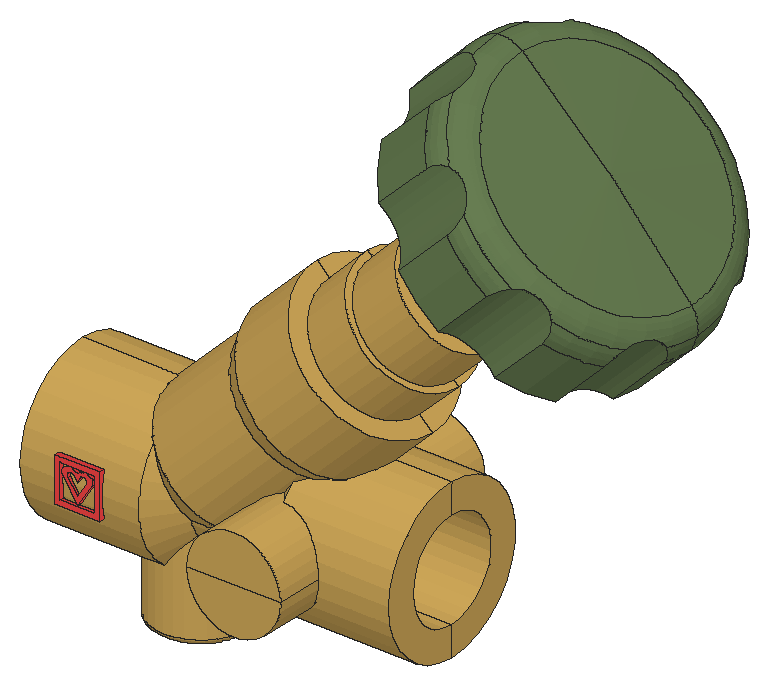
Revit family "Rückflussverhinderer 4126", category Rohrzubehör, Revit 2018
Family settings
  Bemaßung runder Anschluss = Durchmesser verwenden
  Teiletyp = Unterbricht
  OmniClass-Nummer = 23.65.55.14
  OmniClass-Titel = Valves for Liquid Services
  Arbeitsebenenbasiert = Nein
  Immer vertikal = Ja
  Beim Laden mit Abzugskörper schneiden = Nein
  Gemeinsam genutzt = Nein
Parameters
  Öffnungsdruck des Rückflussverhinderer = "gemäß DIN EN 13959"  # constant formula
  W01 = 45.00°  # constant formula
  URL = "www.herz-armaturen.at"
  Spindel = "geschmiedetes Messing CW617N"  # constant formula
  SW01 = 60.00°  # constant formula
  SC_NennweiteBerechnet = 0
  SC_Dimension = ""
  SCTWSEQ = "FW;SBT_TYP_FW=\"109\";2"
  SCTWCODE = "04;00;02"  # constant formula
  S03 = 60.000 mm  # constant formula
  S02 [instance] = L06 + L09 + L12 + L15  # 95.900 mm
  S01 [instance] = R01 * 2  # 32.000 mm
  R12 [instance] = R01 - 1.000 mm  # 15.000 mm
  R11 [instance] = size_lookup("4126_", "R11", 46.500 mm, Nennweite)  # 5.400 mm
  R100 = 1.000 mm  # constant formula
  R10 [instance] = size_lookup("4126_", "R10", 46.500 mm, Nennweite)  # 8.500 mm
  R09 [instance] = size_lookup("4126_", "R9", 46.500 mm, Nennweite)  # 11.750 mm
  R08 [instance] = size_lookup("4126_", "R8", 46.500 mm, Nennweite)  # 13.000 mm
  R07 [instance] = size_lookup("4126_", "R7", 46.500 mm, Nennweite)  # 16.500 mm
  R06 [instance] = size_lookup("4126_", "R6", 43.000 mm, Nennweite)  # 14.600 mm
  R05 [instance] = Nennweite / 2  # 10.000 mm
  R04 [instance] = size_lookup("4126_", "R4", 11.500 mm, Nennweite)  # 9.500 mm
  R03 = 9.500 mm  # constant formula
  R02 [instance] = Nennweite / 2  # 10.000 mm
  R01 [instance] = size_lookup("4126_", "R1", 11.500 mm, Nennweite)  # 16.000 mm
  Nennweite [instance] = 20.000 mm
  Medium = "Trinkwasser"  # constant formula
  Max. Differenzdruck auf geschlossenen Sitz = 1000000.0 Pa  # constant formula
  Max. Betriebstemperatur = 80 °C  # constant formula
  Max. Betriebsdruck = 1600000.0 Pa  # constant formula
  L16 [instance] = L01 / 2  # 12.000 mm
  L15 [instance] = size_lookup("4126_", "L15", 12.400 mm, Nennweite)  # 12.400 mm
  L14 [instance] = size_lookup("4126_", "L14", 81.000 mm, Nennweite)  # 8.000 mm
  L12 [instance] = size_lookup("4126_", "L12", 81.000 mm, Nennweite)  # 33.500 mm
  L11 [instance] = size_lookup("4126_", "L11", 60.000 mm, Nennweite)  # 12.500 mm
  L10 [instance] = size_lookup("4126_", "L10", 20.000 mm, Nennweite)  # 11.000 mm
  L09 [instance] = size_lookup("4126_", "L9", 11.000 mm, Nennweite)  # 15.500 mm
  L08 [instance] = size_lookup("4126_", "L8", 35.000 mm, Nennweite)  # 30.100 mm
  L07 [instance] = size_lookup("4126_", "L7", 35.000 mm, Nennweite)  # 13.500 mm
  L06 [instance] = size_lookup("4126_", "L6", 118.000 mm, Nennweite) - L09  # 34.500 mm
  L05 [instance] = size_lookup("4126_", "L5", 44.000 mm, Nennweite)  # 26.500 mm
  L04 [instance] = size_lookup("4126_", "L4", 45.000 mm, Nennweite)  # 25.500 mm
  L03 = 15.000 mm  # constant formula
  L02 [instance] = size_lookup("4126_", "L2", 22.000 mm, Nennweite)  # 8.000 mm
  L01 [instance] = size_lookup("4126_", "L1", 48.000 mm, Nennweite)  # 24.000 mm
  L00 [instance] = size_lookup("4126_", "L", 180.000 mm, Nennweite)  # 75.000 mm
  Kegel = "geschmiedetes Messing CW617N"  # constant formula
  Hinweis = "Gemäß Art 33 der REACH-Verordnung (EG Nr. 1907/2006) sind wir verpflichtet, darauf hinzuweisen, dass der Stoff Blei auf der SVHC-Liste geführt wird und dass alle aus Messing bestehenden Bauteile, die in unseren Erzeugnissen verarbeitet sind, mehr als 0,1 % (w/w) Blei (CAS: 7439-92-1 / EINECS: 231-100-4) enthalten.\r\nDa Blei als Legierungsbestandteil fest gebunden ist, sind keine Expositionen zu erwarten und daher sind keine zusätzlichen Angaben zur sicheren Verwendung notwendig."
  Hersteller = "HERZ Armaturen Ges.m.b.H."  # constant formula
  Handrad = "Kunststoff, grün"  # constant formula
  H01 [instance] = size_lookup("4126_", "H1", 53.000 mm, Nennweite)  # 26.400 mm
  Gelegentliche Temperaturanstiege = "bis 95°C, nicht länger als eine Stunde"  # constant formula
  Gehäuse = "entzinkungsbeständiges Gussmessing CC770S"  # constant formula
  DN50 [instance] = Nennweite = 50.000 mm  # no
  DN40 [instance] = Nennweite = 40.000 mm  # no
  DN32 [instance] = Nennweite = 32.000 mm  # no
  DN25-DN50 [instance] = or(Nennweite = 25.000 mm, Nennweite = 32.000 mm, Nennweite = 40.000 mm, Nennweite = 50.000 mm)  # no
  DN25 [instance] = Nennweite = 25.000 mm  # no
  DN20 [instance] = Nennweite = 20.000 mm  # yes
  DN15 [instance] = Nennweite = 15.000 mm  # no
  Bestellnummer [instance] = size_lookup("4126_", "Artnr", 0, Nennweite)  # 2412602
  Anwendungsgebiet = "Zum Absperren von Trinkwasserleitungen, sowie Zirkulationssystemen in Gebäuden."
Reference planes
  plane 1 "Mitte (Vorne/hinten)": y = 0
  plane 2: z = 0
  plane 3 "Mitte (Links/rechts)": x = 0
Forms (mm)
  Revolve 1, solid, material "Messing, weicher Gelbton, geschweißt", detail levels fine
    sketch origin (470, 0, 0) x (1, 0, 0) y (0, 0, 1)
      loop
        line (-507.5, 10) -> (-492.5, 10) -> (-492.5, 0) -> (-447.5, 0) -> (-447.5, 10) -> (-432.5, 10) -> (-432.5, 16) -> (-456.5, 16) -> (-462, 10) -> (-478, 10) -> (-483.5, 16) -> (-507.5, 16) -> (-507.5, 10)
      axis (-507.5, 0) -> (-432.5, 0)
    angle from 0 to 360
  Revolve 2, solid, material "Messing, weicher Gelbton, geschweißt", detail levels fine
    sketch origin (470, 0, 0) x (1, 0, 0) y (0, 0, 1)
      loop
        line (-493, 0) -> (-493, -25.4)
        arc (-493, -25.4) -> (-492.707, -26.107) -> (-492, -26.4) r 1
        line (-492, -26.4) -> (-483.5, -26.4) -> (-483.5, 0) -> (-493, 0)
      axis (-483.5, 0) -> (-483.5, -26.4)
    angle from 0 to 360
  Revolve 3, solid, material "Messing, weicher Gelbton, geschweißt", detail levels fine
    sketch origin (0, 0, 0) x (1, 0, 0) y (0, 1, 0)
      loop
        line (13.5, -25.5) -> (23, -25.5) -> (23, 26.5) -> (13.5, 26.5) -> (13.5, -25.5)
      axis (13.5, -25.5) -> (13.5, 26.5)
    angle from 0 to 360
  Revolve 4, solid, material "Messing, weicher Gelbton, geschweißt", visible <- "DN25-DN50", detail levels fine
    sketch origin (-470, 0, 0) x (-1, 0, 0) y (0, 0, 1)
      loop
        line (-493, 0) -> (-493, -25.4)
        arc (-493, -25.4) -> (-492.707, -26.107) -> (-492, -26.4) r 1
        line (-492, -26.4) -> (-483.5, -26.4) -> (-483.5, 0) -> (-493, 0)
      axis (-483.5, 0) -> (-483.5, -26.4)
    angle from 0 to 360
  Revolve 5, solid, material "Messing, weicher Gelbton, geschweißt", detail levels fine
    sketch origin (0.32, 0, -0.105) x (1, 0, 0) y (0, 0, 1)
      loop
        line (-13.82, 0) -> (53.991, 67.812) -> (50.173, 71.63) -> (41.405, 62.862) -> (39.213, 65.054) -> (32.142, 57.983) -> (29.844, 60.281) -> (21.005, 51.442) -> (20.121, 52.326) -> (12.343, 44.548) -> (9.868, 47.023) -> (-1.092, 36.062) -> (-2.86, 31.608) -> (-18.487, 15.981) -> (-20.891, 7.071) -> (-13.82, 0)
      axis (-13.82, 0) -> (53.991, 67.812)
    angle from 0 to 360
Lines and regions (mm)
  model lines, detail levels coarse+medium
    curve 1: line (-37.5, 0, 16) -> (-37.5, 0, -16)
    curve 2: line (-37.5, 0, -16) -> (37.5, 0, 16)
    curve 3: line (37.5, 0, 16) -> (37.5, 0, -16)
    curve 4: line (37.5, 0, -16) -> (-37.5, 0, 16)
    curve 5: line (0, 0, 0) -> (47.95, 0, 83.052)
    curve 6: line (21.969, 0, 98.052) -> (73.931, 0, 68.052)
    curve 7: line (-37.5, -16, 0) -> (-37.5, 16, 0)
    curve 8: line (-37.5, 16, 0) -> (37.5, -16, 0)
    curve 9: line (37.5, -16, 0) -> (37.5, 16, 0)
    curve 10: line (37.5, 16, 0) -> (-37.5, -16, 0)
    curve 11: line (0, 0, 0) -> (47.95, 83.052, 0)
    curve 12: line (21.969, 98.052, 0) -> (73.931, 68.052, 0)
Dimensions and locks
  "H01": plane 2 to Revolve 2 sketch curve
  "L00": Revolve 1 sketch curve to Revolve 1 sketch curve
  equal spacing: Revolve 1 sketch curve, plane 3 "Mitte (Links/rechts)", Revolve 1 sketch curve
  "R01": Revolve 1 sketch curve to Revolve 1 sketch curve  (x2)
  "R02": Revolve 1 sketch curve to Revolve 1 sketch curve  (x3)
  "L01": Revolve 1 sketch curve to Revolve 1 sketch curve  (x2)
  "L02": plane 3 "Mitte (Links/rechts)" to Revolve 1 sketch curve
  "L02": Revolve 1 sketch curve to plane 3 "Mitte (Links/rechts)"
  "L03": Revolve 1 sketch curve to Revolve 1 sketch curve  (x2)
  "L01": Revolve 1 to Revolve 2 sketch curve
  "R03": Revolve 2 sketch curve to Revolve 2 sketch curve
  "L01": Revolve 4 sketch curve to Revolve 1
  "R03": Revolve 4 sketch curve to Revolve 4 sketch curve
  "H01": plane 2 to Revolve 4 sketch curve
  "L04": Revolve 3 sketch curve to plane 1 "Mitte (Vorne/hinten)"
  "L05": plane 1 "Mitte (Vorne/hinten)" to Revolve 3 sketch curve
  "R04": Revolve 3 sketch curve to Revolve 3 sketch curve
  "L01": Revolve 3 sketch curve to Revolve 1
  "R07": Revolve 5 sketch curve to Revolve 5 sketch curve
  "L07": plane 3 "Mitte (Links/rechts)" to Revolve 5 sketch curve
  "R05": Revolve 5 sketch curve to Revolve 5 sketch curve
  "L06": Revolve 5 sketch curve to Revolve 5 sketch curve
  "L08": Revolve 5 sketch curve to Revolve 5 sketch curve
  "R06": Revolve 5 sketch curve to Revolve 5 sketch curve
  "L14": Revolve 5 sketch curve to Revolve 5 sketch curve
  "L09": Revolve 5 sketch curve to Revolve 5 sketch curve
  "R08": Revolve 5 sketch curve to Revolve 5 sketch curve
  "L10": Revolve 5 sketch curve to Revolve 5 sketch curve
  "R09": Revolve 5 sketch curve to Revolve 5 sketch curve
  "R10": Revolve 5 sketch curve to Revolve 5 sketch curve
  "L12": Revolve 5 sketch curve to Revolve 5 sketch curve
  "R11": Revolve 5 sketch curve to Revolve 5 sketch curve
  "L15": Revolve 5 sketch curve to Revolve 5 sketch curve
  "L11": Revolve 5 sketch curve to Revolve 5 sketch curve
  "R12": nested 7 to plane 1 "Mitte (Vorne/hinten)"
  "L16": Revolve 1 to nested 7
  "L00": curve 1 to curve 3
  "S01": curve 4 to curve 2
  "S01": curve 3 to curve 4
  equal spacing: curve 4, plane 2, curve 2
  equal spacing: curve 3, plane 2, curve 4
  "S02": curve 5 to curve 5
  equal spacing: curve 6, curve 5, curve 6
  "S03": curve 6 to curve 6
  "L00": curve 7 to curve 9
  "S01": curve 10 to curve 8
  curve 9 to curve 10 = 32.000 mm
  equal spacing: curve 12, curve 11, curve 12
  "S03": curve 12 to curve 12
  "S02": curve 11 to curve 11
  equal spacing: curve 10, plane 1 "Mitte (Vorne/hinten)", curve 8
  equal spacing: curve 9, plane 1 "Mitte (Vorne/hinten)", curve 10
  equal spacing: curve 7, plane 3 "Mitte (Links/rechts)", curve 9
  equal spacing: Revolve 1, curve 5, Revolve 1
  equal spacing: curve 7, curve 11, Revolve 1
  equal spacing: curve 1, plane 3 "Mitte (Links/rechts)", curve 3
  "R100": radius of Revolve 2 sketch curve
  "R100": radius of Revolve 4 sketch curve
  "W01": angle plane 2 to Revolve 5 sketch curve
  "W01": angle level to Revolve 5 sketch curve
  "SW01": angle plane 2 to curve 5
  "SW01": angle plane 1 "Mitte (Vorne/hinten)" to curve 11
  aligned and locked: level to plane 2
Automatic sketch dimensions
  curve 5 to level = 0.000 mm
  plane 1 "Mitte (Vorne/hinten)" to curve 11 = 0.000 mm
  Revolve 1 sketch curve to level = 0.000 mm  (x2)
  Revolve 1 sketch curve to Revolve 1 sketch curve = 791.990 mm
  Revolve 1 sketch curve to Revolve 1 sketch curve = 2278.983 mm
  Revolve 2 sketch curve to level = 0.000 mm  (x2)
  Revolve 2 sketch curve to Revolve 2 sketch curve = 0.000 mm
  Revolve 2 sketch curve to Revolve 2 sketch curve = 0.292 mm
  Revolve 3 sketch curve to Revolve 3 sketch curve = 0.000 mm  (x3)
  Revolve 4 sketch curve to level = 0.000 mm  (x2)
  Revolve 4 sketch curve to Revolve 4 sketch curve = 0.000 mm
  Revolve 4 sketch curve to Revolve 4 sketch curve = 0.292 mm
  Revolve 5 sketch curve to level = 0.105 mm
  Revolve 5 sketch curve to Revolve 5 sketch curve = 0.000 mm  (x2)
Nested families
  nested 1: "Strömax-Handrad_Schrägsitz (Grün)" at (42.584, 0, 54.979), visible <- "DN15", type "Strömax-Handrad_Schrägsitz (Grün)", detail levels fine
    with Nennweite 0.000 mm, Gewicht 0.00 kg, Bestellnummer 0
  nested 2: "Strömax-Handrad_Schrägsitz (Grün)" at (54.312, 0, 67.707), visible <- "DN20", type "Strömax-Handrad_Schrägsitz (Grün)", detail levels fine
    with Nennweite 0.000 mm, Gewicht 0.00 kg, Bestellnummer 0
  nested 3: "Strömax-Handrad_Schrägsitz (Grün)" at (62.469, 0, 80.364), visible <- "DN25", type "Strömax-Handrad_Schrägsitz (Grün)", detail levels fine
    with Nennweite 0.000 mm, Gewicht 0.00 kg, Bestellnummer 0
  nested 4: "Strömax-Handrad_Schrägsitz (Grün)" at (71.712, 0, 91.607), visible <- "DN32", type "Strömax-Handrad_Schrägsitz (Grün)", detail levels fine
    with Nennweite 0.000 mm, Gewicht 0.00 kg, Bestellnummer 0
  nested 5: "Strömax-Handrad_Schrägsitz (Grün)" at (80.399, 0, 101.294), visible <- "DN40", type "Strömax-Handrad_Schrägsitz (Grün)", detail levels fine
    with Nennweite 0.000 mm, Gewicht 0.00 kg, Bestellnummer 0
  nested 6: "Strömax-Handrad_Schrägsitz (Grün)" at (97.83, 0, 129.225), visible <- "DN50", type "Strömax-Handrad_Schrägsitz (Grün)", detail levels fine
    with Nennweite 0.000 mm, Gewicht 0.00 kg, Bestellnummer 0
  nested 7: "Herz-Logo-vorne" at (-25.5, -15.732, 0) x (0, 1, 0) z (0, 0, 1), type "Herz-Logo-vorne", detail levels fine
Connectors
  piping at (-22.5, 0, 0), diameter 20, driven by "Nennweite"
    settings: on Revolve 1, index 1, connector inside diameter 609.6 mm, connector length 0.000 mm, flow factor 0, pipe flow 0.0 L/s, pressure drop 0.0 Pa, fitting loss kfactor 0, connector angle 0.00°, fixture units 0, engagement length 0.000 mm, angle of deflection 0.00°, flow configuration 0, flow direction 1, fitting loss method 0, system type 29, joint type 0, gender type 0, connector reference index -1, connector utility 0, adjustable connector no, is connector primary yes, connector description ""
  piping at (22.5, 0, 0), diameter 20, driven by "Nennweite"
    settings: on Revolve 1, index 2, connector inside diameter 609.6 mm, connector length 0.000 mm, flow factor 0, pipe flow 0.0 L/s, pressure drop 0.0 Pa, fitting loss kfactor 0, connector angle 0.00°, fixture units 0, engagement length 0.000 mm, angle of deflection 0.00°, flow configuration 0, flow direction 2, fitting loss method 0, system type 29, joint type 0, gender type 0, connector reference index -1, connector utility 0, adjustable connector no, is connector primary no, connector description ""
Definition of nested family "Strömax-Handrad_Schrägsitz (Grün)"
  Parameters (values of type "Strömax-Handrad_Schrägsitz (Grün)")
    URL = "www.herz-armaturen.at"
    Nennweite [instance] = 0.000 mm
    Manufacturer = "Herz Armaturen GmbH"  # constant formula
    Gewicht [instance] = 0.00 kg
    Bestellnummer [instance] = 0
  Reference planes
    plane 1 "Mitte (Vorne/hinten)": y = 0
    plane 2: z = 0
    plane 3 "Mitte (Links/rechts)": x = 0
  Forms (mm)
    Revolve 1, solid
      sketch origin (0, 0, 0) x (0.707107, 0, -0.707107) y (0.707107, 0, 0.707107)
        loop
          line (0, 0) -> (0, 22)
          arc (0, 22) -> (-12.15, 21.705) -> (-24.271, 20.819) r 250
          arc (-24.271, 20.819) -> (-26.831, 19.959) -> (-28.754, 18.063) r 6
          arc (-28.754, 18.063) -> (-29.682, 16.008) -> (-30, 13.776) r 8
          line (-30, 13.776) -> (-30, 0) -> (0, 0)
        axis (0, 22) -> (0, 0)
      angle from 0 to 360
    Extrusion 2, void
      sketch origin (0, 0, 0) x (0.707107, 0, -0.707107) y (0, 1, 0)
        loop
          circle (14.351, -34.645) r 10
      from 0 to 22
    Extrusion 3, void
      sketch origin (0, 0, 0) x (-0.707107, 0, 0.707107) y (0, -1, 0)
        loop
          circle (14.351, 34.645) r 10
      from 0 to 22
    Extrusion 4, void
      sketch origin (0, 0, 0) x (0, -1, 0) y (0.707107, 0, -0.707107)
        loop
          circle (14.351, 34.645) r 10
      from 0 to 22
    Extrusion 5, void
      sketch origin (0, 0, 0) x (0, 1, 0) y (-0.707107, 0, 0.707107)
        loop
          circle (14.351, -34.645) r 10
      from 0 to 22
    Extrusion 6, void
      sketch origin (0, 0, 0) x (0, -1, 0) y (0.707107, 0, -0.707107)
        loop
          circle (14.351, -34.645) r 10
      from 0 to 22
    Extrusion 7, void
      sketch origin (0, 0, 0) x (0, 1, 0) y (-0.707107, 0, 0.707107)
        loop
          circle (14.351, 34.645) r 10
      from 0 to 22
    Extrusion 8, void
      sketch origin (0, 0, 0) x (0.707107, 0, -0.707107) y (0, 1, 0)
        loop
          circle (14.351, 34.645) r 10
      from 0 to 22
    Extrusion 9, void
      sketch origin (0, 0, 0) x (-0.707107, 0, 0.707107) y (0, -1, 0)
        loop
          circle (14.351, -34.645) r 10
      from 0 to 22
  Cuts and joins
    Extrusion 2, Extrusion 3, Extrusion 4, Extrusion 5, Extrusion 6, Extrusion 7, Extrusion 8, Extrusion 9 cuts Revolve 1
  Dimensions and locks
    aligned and locked: level to plane 2
Definition of nested family "Herz-Logo-vorne"
  Reference planes
    plane 1 "Mitte (Vorne/hinten)": y = 0
    plane 2: z = 0
    plane 3 "Mitte (Links/rechts)": x = 0
  Forms (mm)
    Extrusion 1, solid
      sketch origin (0.732, -0.018, 0.017) x (0, -1, 0) y (0, 0, 1)
        loop
          line (-0.018, -4.517) -> (4.482, -4.517) -> (4.482, 4.483) -> (-4.518, 4.483) -> (-4.518, -4.517) -> (-0.018, -4.517)
        loop
          line (-0.05, -3.48) -> (3.482, -3.48) -> (3.482, 3.483) -> (-3.518, 3.483) -> (-3.518, -3.48) -> (-0.05, -3.48)
        loop
          arc (-0.018, 2.383) -> (-1.543, 3.287) -> (-3.067, 2.383) r 1.738
          arc (-3.067, 2.383) -> (-3.191, 1.899) -> (-3.067, 1.415) r 1.009
          line (-3.067, 1.415) -> (-0.018, -3.281) -> (3.032, 1.415)
          arc (3.032, 1.415) -> (3.156, 1.899) -> (3.032, 2.383) r 1.009
          arc (3.032, 2.383) -> (1.507, 3.287) -> (-0.018, 2.383) r 1.738
        loop
          arc (1.885, 1.272) -> (2.005, 1.675) -> (1.885, 2.079) r 0.74
          arc (1.885, 2.079) -> (1.265, 2.416) -> (0.644, 2.079) r 0.74
          line (0.644, 2.079) -> (-0.018, 0.97) -> (-0.679, 2.079)
          arc (-0.679, 2.079) -> (-1.3, 2.416) -> (-1.921, 2.079) r 0.74
          arc (-1.921, 2.079) -> (-2.04, 1.675) -> (-1.921, 1.272) r 0.74
          line (-1.921, 1.272) -> (-0.018, -1.658) -> (1.885, 1.272)
      from 0 to 1.5
  Dimensions and locks
    aligned and locked: level to plane 2
